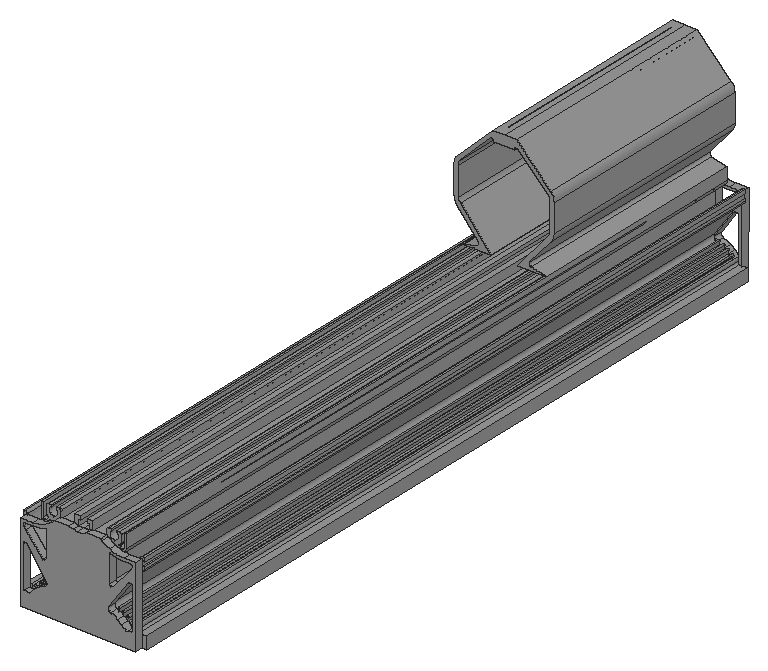
Revit family "L-street 24 Standart", category Осветительные приборы, Revit 2017 (continued)
Types (7, lengths in mm): name | built-in parameter 1150134 | Файл фотометрической сетки | built-in parameter 1150105 | Lumens | built-in parameter 1150106 | built-in parameter 1150142 | Wattage | built-in parameter 1150107 | Артикул
  L-street 24 Standart 4.0K Ш3 | 12 | "L-street 24-32-LLI3-4.0K-01 Premium.ies" | 342.66 (stored number, unit not read) | 4306 lm | 3.4266 (stored number, unit not read) | "IESNA:LM-63-1995\r\n[TEST]LEDEL\r\n[DATA]26.03.2018\r\n[MANUFAC]LEDEL\r\n[LUMCAT]L-street 24/32/Ш3/4.0К/01 Premium\r\n[LUMINAIRE]Для освещения городских улиц, придомовых территорий, парков и пр\r\n[LAMPCAT]LED \r\n[LAMP]OSRAM OSLON SQUARE\r\nTILT=NONE\r\n \r\n1 4306 4.349494 91 37 1 2 0.533 0.083 0.142\r\n1 1 32\r\n\r\n0 1 2 3 4 5 6 7 8 9 10 11 12 13 14 15 16 17 18 19 20 21 22 23 24 25 26 27 28 29 30 31 32 33 34 35 36 37 38 39 40 41 42 43 44 45 46 47 48 49 50 51 52 53 54 55 56 57 58 59 60 61 62 63 64 65 66 67 68 69 70 71 72 73 74 75 76 77 78 79 80 81 82 83 84 85 86 87 88 89 90\r\n0 2.5 5 7.5 10 12.5 15 17.5 20 22.5 25 27.5 30 32.5 35 37.5 40 42.5 45 47.5 50 52.5 55 57.5 60 62.5 65 67.5 70 72.5 75 77.5 80 82.5 85 87.5 90 \r\n\r\n328.9 329.3 330.2 330.9 331.9 333.4 335.1 336.8 338.7 340.8 342.8 345 347.5 350.1 353 356 358.9 361.9 364.8 367.6 370.4 373.1 375.9 378.6 381.2 384 387.3 390.9 395 399.6 404.9 410.7 417.4 425.2 435.2 445.1 453.5 460.4 465.8 471.5 479.7 491.2 504.8 521 539.3 559.8 582 607.2 633.9 663 691.7 721.3 752.1 785.2 818.3 851.9 885.2 917 937 939.3 919 859.4 761.2 644.9 513.6 372.2 249 140.6 80.9 50.5 34.7 24.4 17.8 14.5 12.7 11.4 10.5 9.8 9.1 8.5 8 7.4 7 6.5 6.2 5.9 5.5 4.8 3.2 2.7 2.7\r\n328.9 329 329.5 330 330.7 331.9 333.2 334.6 336.2 338 339.8 341.8 344 346.5 349.2 352.1 354.9 357.8 360.7 363.6 366.4 369.2 372 374.9 377.8 380.7 383.9 387.3 391.1 395.4 400.3 405.6 411.7 418.6 427.2 436.3 444.8 452.4 459 464.7 471.7 481.1 492.7 506.6 522.4 540.2 559.7 581.7 605.8 631.5 658.1 685.9 714.5 745.8 778.3 812.3 846.4 879.2 904.3 916.2 905.6 859.1 774.4 661.5 532.7 402.1 293.1 196.3 120.8 68.8 45.8 31.7 22.8 18 15.4 13.6 12.3 11.3 10.5 9.8 9.1 8.5 7.9 7.3 6.9 6.5 6.1 5.5 4.3 3.3 2.9\r\n328.9 328.8 328.9 329 329.6 330.3 331.2 332.3 333.7 335.2 336.8 338.6 340.6 342.8 345.5 348.2 350.9 353.7 356.6 359.6 362.4 365.3 368.2 371.2 374.4 377.4 380.5 383.6 387.3 391.2 395.6 400.5 406 411.9 419.2 427.5 436 444.3 452.2 457.9 463.7 471 480.7 492.2 505.6 520.6 537.4 556.3 577.6 600 624.5 650.4 677 706.4 738.3 772.8 807.5 841.5 871.5 893.1 892.3 858.7 787.6 678.2 551.8 432 337.2 251.9 160.7 87.2 56.8 39 27.9 21.5 18 15.7 14.1 12.8 12 11.2 10.3 9.6 8.9 8.2 7.6 7.1 6.7 6.3 5.5 4 3.1\r\n328.9 329.4 330.2 331 332 333.4 335 336.7 338.6 340.6 342.6 344.7 347.1 349.6 352.4 355.2 358.1 360.9 363.6 366.2 368.8 371.4 374 376.6 379.2 382 385.3 388.8 392.6 397 402.2 407.8 414.4 421.9 431.2 440.5 448.4 454.9 460.4 466.2 474 484.8 497.7 513 530.2 549.4 569.9 593 617.3 643.5 669.5 695.9 722.8 751.4 780 808.5 835.6 860.9 877.7 881 869.3 832.1 763.8 664.3 532.5 377.6 247 136.9 77.5 48.8 34.8 24 17.1 14.1 12.4 11.1 10.2 9.6 8.9 8.3 7.8 7.2 6.8 6.3 6 5.7 5.4 4.7 3.1 2.7 2.7\r\n328.9 329.4 330.1 331 332.1 333.4 334.9 336.6 338.5 340.4 342.3 344.5 346.7 349.1 351.8 354.5 357.3 359.9 362.4 364.8 367.2 369.6 372.2 374.6 377.3 380.1 383.3 386.6 390.2 394.4 399.4 405 411.4 418.6 427.2 435.9 443.2 449.5 455 460.8 468.3 478.4 490.6 505 521.2 539.1 557.7 578.9 600.7 624.1 647.2 670.6 693.5 717.6 741.7 765.1 785.9 804.8 818.4 822.6 819.6 804.9 766.4 683.8 551.4 383.1 244.9 133.2 74 47.1 34.9 23.6 16.4 13.6 12.1 10.9 10 9.4 8.7 8.1 7.6 7 6.6 6.2 5.8 5.4 5.3 4.5 3 2.6 2.7\r\n328.9 329.4 330.2 331 332 333.3 334.7 336.2 338 339.7 341.5 343.5 345.5 347.8 350.3 353 355.7 358.2 360.7 363 365.4 367.8 370.3 372.8 375.5 378.3 381.5 384.8 388.6 392.8 397.6 403 409.3 416.1 424.2 432.5 439.5 445.4 450.6 455.9 462.5 471.1 481.3 493.2 506.3 520.8 536.2 553.5 571.6 591.3 611.2 631.8 652.8 675.7 698.9 722.2 742.8 761.3 775.1 781.3 780.2 768.4 735.8 659.6 539 387.4 258.5 153.6 86.2 51.2 36.2 25 17.1 13.6 12 10.8 9.8 9.2 8.5 8 7.4 6.9 6.5 6 5.7 5.4 5.1 4.5 3.1 2.7 2.7\r\n328.9 329.4 330.2 330.9 332 333.2 334.5 335.8 337.4 339.1 340.8 342.5 344.4 346.5 348.9 351.5 354.1 356.6 358.9 361.3 363.6 365.9 368.4 371 373.6 376.5 379.6 383.1 387 391.1 395.7 401 407.1 413.6 421.1 429 435.8 441.3 446.2 451 456.7 463.9 472 481.4 491.5 502.6 514.6 528.2 542.5 558.5 575.2 593 612 633.7 656.1 679.2 699.7 717.9 731.8 740 740.8 732 705.1 635.4 526.7 391.7 272.1 174 98.4 55.3 37.6 26.3 17.8 13.6 11.9 10.7 9.7 9 8.3 7.8 7.3 6.8 6.3 5.9 5.6 5.3 4.9 4.5 3.3 2.7 2.7\r\n328.9 329.5 330.3 331 332 333.1 334.2 335.5 337 338.5 340.1 341.6 343.4 345.3 347.5 350 352.5 354.9 357.3 359.6 361.8 364 366.3 368.6 371.2 373.8 376.8 380.1 383.8 387.6 392 396.7 402.2 408 414.6 421.4 427.4 432.1 436.2 439.9 444.1 449.8 456.5 464.2 472.4 481.7 492.1 504.3 517.4 532 547.1 562.9 578.6 594.9 610.3 625.2 636.8 644.4 646.8 642.2 628.3 601.4 558.5 487.4 398.1 300.5 218.4 153.5 97.9 57.3 37.8 25.4 16.7 12.7 11.3 10.1 9.1 8.4 7.8 7.3 6.8 6.4 5.9 5.5 5.2 4.9 4.6 4.3 3.2 2.7 2.7\r\n328.9 329.6 330.4 331 332 333 334 335.2 336.5 338 339.5 340.8 342.3 344.1 346.2 348.5 350.9 353.2 355.7 357.9 360.1 362.1 364.1 366.3 368.7 371.1 374 377.1 380.5 384.1 388.2 392.4 397.3 402.4 408 413.7 419 423 426.2 428.7 431.6 435.7 440.9 447 453.3 460.7 469.6 480.4 492.2 505.5 519.1 532.8 545.2 556 564.6 571.2 573.9 570.8 561.8 544.4 515.9 470.9 411.9 339.3 269.5 209.3 164.6 132.9 97.4 59.2 38 24.5 15.6 11.9 10.6 9.5 8.6 7.9 7.3 6.7 6.4 5.9 5.5 5.1 4.9 4.6 4.3 4 3 2.6 2.6\r\n328.9 329.6 330.3 330.9 331.7 332.6 333.5 334.6 335.8 337.1 338.4 339.6 341 342.5 344.5 346.6 348.8 351.1 353.5 355.6 357.6 359.4 361.2 363.2 365.5 367.9 370.6 373.6 377 380.4 384 387.7 391.8 395.9 400.4 404.8 409 412.2 414.8 416.7 419.1 422.5 426.9 432.4 438.2 444.8 451.8 459.6 467.6 476.2 484.4 492.1 497.8 501.1 501.5 498.2 489.1 471.8 446.9 414.5 377.6 335.3 291 243.7 199.4 161.3 132.5 111.4 88.8 60 38.2 24.5 15.5 11.5 10.1 9.1 8.1 7.4 6.8 6.3 5.9 5.6 5.2 4.8 4.5 4.3 4.1 3.8 3 2.6 2.6\r\n328.9 329.6 330.2 330.8 331.5 332.2 333 334 335.1 336.2 337.4 338.4 339.6 341 342.7 344.6 346.8 349 351.2 353.2 355.2 356.8 358.4 360.1 362.3 364.7 367.2 370.2 373.4 376.6 379.9 382.9 386.3 389.4 392.8 395.9 399 401.5 403.4 404.8 406.6 409.3 413 417.7 423.2 428.9 434.1 438.8 443 446.9 449.6 451.3 450.4 446.3 438.5 425.2 404.4 372.8 332.1 284.5 239.3 199.8 170 148 129.3 113.3 100.4 90 80.2 60.7 38.4 24.6 15.5 11.1 9.6 8.7 7.7 6.9 6.3 5.9 5.5 5.2 4.9 4.5 4.2 4 3.8 3.6 2.9 2.7 2.6\r\n328.9 329.6 330.1 330.7 331.3 331.9 332.7 333.7 334.6 335.6 336.6 337.5 338.6 339.9 341.4 343.2 345.2 347.2 349.1 350.9 352.7 354.2 355.8 357.6 359.7 362.1 364.5 367.1 369.7 372.2 374.7 377.2 379.9 382.5 385.1 387.6 390 392.2 394 395.5 397.2 398.9 400.9 403.2 405.8 408.1 409.5 410 409.2 407 401.9 393.5 379.6 360.7 338.2 313.8 287.4 259.5 230.5 200.1 171.3 146.3 126.5 111.3 98.3 88 80.3 73.6 62.6 45.5 29.8 19.7 12.9 9.9 8.7 7.8 6.9 6.3 5.7 5.3 5 4.7 4.4 4.1 3.8 3.6 3.4 3.1 2.7 2.6 2.5\r\n328.9 329.6 330 330.5 331 331.7 332.4 333.3 334.1 335 335.7 336.6 337.5 338.9 340.2 341.7 343.6 345.5 347 348.7 350.2 351.6 353.2 355.1 357.2 359.5 361.8 364 366 367.9 369.5 371.4 373.5 375.5 377.4 379.4 381.1 382.8 384.6 386.2 387.8 388.6 388.8 388.6 388.5 387.4 384.9 381.1 375.4 367.2 354.2 335.6 308.8 275.2 237.8 202.4 170.4 146.1 128.9 115.6 103.3 92.8 83 74.7 67.3 62.7 60.1 57.1 45.1 30.4 21.1 14.9 10.4 8.8 7.8 6.9 6.2 5.6 5.1 4.8 4.5 4.1 3.9 3.7 3.5 3.3 3.1 2.7 2.5 2.5 2.5\r\n328.9 329.5 329.8 330.3 330.6 331.2 331.7 332.4 333 333.7 334.2 334.8 335.4 336.4 337.3 338.6 340.1 341.7 343.1 344.6 346.1 347.4 348.8 350.3 352 353.8 355.5 357.1 358.6 360 361.2 362.3 363.6 365 366.4 368.1 369.5 370.4 370.9 370.8 370.5 369.4 367.5 364.9 361.4 356.8 349.7 339.5 325 306.7 283.4 257 228.1 199.7 172.9 149.4 128.6 112.2 99.6 89.2 79.7 71.9 64.6 58.5 52.9 49.3 46.4 42.2 33.6 24.5 18.4 13.7 10.1 8.5 7.6 6.7 6 5.3 4.8 4.5 4.3 3.9 3.7 3.5 3.3 3.1 3 2.6 2.4 2.4 2.4\r\n328.9 329.4 329.7 330 330.2 330.6 331 331.5 332 332.4 332.7 332.9 333.3 333.9 334.5 335.5 336.6 337.9 339.3 340.6 341.9 343.2 344.4 345.6 346.8 348.1 349.2 350.3 351.3 352.1 352.9 353.2 353.7 354.4 355.4 356.8 357.8 358 357.2 355.5 353.3 350.3 346.3 341.1 334.4 326.1 314.5 297.9 274.7 246.3 212.5 178.4 147.3 124.1 108 96.4 86.8 78.2 70.2 62.8 56.2 50.9 46.3 42.4 38.6 35.9 32.7 27.2 22.1 18.6 15.6 12.5 9.8 8.3 7.4 6.5 5.8 5.1 4.6 4.2 4.1 3.8 3.5 3.4 3.2 3 2.9 2.5 2.3 2.4 2.4\r\n328.9 329.4 329.6 329.8 330 330.2 330.4 330.7 330.9 331.1 331.2 331.3 331.4 331.6 332 332.8 333.6 334.8 335.8 337 338 339 339.9 340.7 341.5 342.3 343 343.7 344.2 344.5 344.8 344.9 345.1 345.2 345.2 345.4 345.1 344 342.1 339.1 334.9 329.9 323.6 315.4 304.1 289.5 270.1 246.3 218.3 189.8 161.8 137.2 116 100.1 88.3 79.2 71.4 64.3 57.9 52.2 47.2 43.1 39.5 36.3 33 30.2 27.2 23.3 19.6 16.9 14.4 11.8 9.5 8.3 7.4 6.6 5.8 5.1 4.5 4.1 3.9 3.6 3.4 3.3 3.1 2.9 2.8 2.5 2.3 2.3 2.4\r\n328.9 329.4 329.6 329.7 329.7 329.7 329.8 329.9 329.9 329.9 329.8 329.7 329.4 329.3 329.6 330 330.6 331.6 332.4 333.3 334.1 334.8 335.4 335.7 336.1 336.4 336.8 337 337.1 336.9 336.8 336.5 336.5 336.1 335 333.9 332.3 330.1 327 322.6 316.6 309.6 301 289.7 273.8 252.8 225.7 194.7 161.9 133.3 111 96 84.7 76.1 68.6 62 56 50.4 45.5 41.6 38.2 35.3 32.8 30.2 27.3 24.4 21.7 19.4 17.2 15.2 13.1 11 9.3 8.2 7.4 6.7 5.8 5.1 4.4 3.9 3.8 3.5 3.4 3.2 3 2.9 2.8 2.5 2.2 2.3 2.4\r\n328.9 329.3 329.4 329.4 329.3 329.2 329 328.9 328.7 328.5 328.2 327.9 327.5 327.2 327.2 327.5 327.9 328.5 329.1 329.6 330 330.3 330.4 330.6 330.7 330.8 330.8 330.7 330.4 330 329.4 328.5 327.5 326 324.1 321.7 318.8 314.9 310.1 304 296 286 272.6 255.5 233.2 207 178.6 151.5 126.8 106.9 91.5 80.4 71.6 64.3 58 52.5 47.6 43.4 39.8 36.8 34.2 31.8 29.5 27.1 24.8 22.5 20.3 18.4 16.5 14.8 13.1 11.5 9.9 8.6 7.6 6.8 6 5.3 4.5 4 3.7 3.5 3.3 3.1 2.9 2.8 2.7 2.5 2.2 2.2 2.3\r\n328.9 329.3 329.2 329.1 328.8 328.6 328.2 328 327.6 327.1 326.6 326.1 325.5 325.2 324.9 325 325.1 325.4 325.7 325.8 325.9 325.7 325.4 325.4 325.3 325.2 324.8 324.4 323.8 323 322.1 320.5 318.5 316 313.1 309.5 305.4 299.8 293.2 285.4 275.5 262.4 244.2 221.4 192.6 161.2 131.4 108.3 91.8 80.6 72 64.9 58.4 52.6 47.4 43 39.3 36.3 34 32.1 30.3 28.3 26.1 24.1 22.3 20.7 18.9 17.3 15.8 14.4 13.1 11.9 10.5 8.9 7.8 7 6.2 5.5 4.7 4 3.6 3.4 3.2 3.1 2.9 2.7 2.6 2.4 2.3 2.1 2.2\r\n328.9 329.2 329.1 328.9 328.5 328.1 327.6 327.1 326.5 325.8 325 324.2 323.5 322.9 322.5 322.3 322.2 322.1 322 321.7 321.1 320.5 319.8 319.4 319 318.6 318.3 318 317.4 316.3 314.8 312.5 309.6 306 301.6 296.4 290.5 283 273.9 262.7 247.9 229.2 205.3 179.3 152 127.2 106.1 90 78 69.4 62.5 56.6 51.2 46.4 42.2 38.8 35.9 33.6 31.7 29.9 28.2 26.4 24.5 22.9 21.5 20.1 18.6 17.3 16.1 14.8 13.7 12.7 11.6 10.2 8.7 7.5 6.6 5.9 5 4.3 3.7 3.4 3.2 3 2.9 2.7 2.6 2.4 2.2 2.1 2.2\r\n328.9 329.2 329 328.7 328.2 327.6 326.9 326.2 325.4 324.4 323.3 322.2 321.4 320.7 320.1 319.6 319.2 318.9 318.4 317.5 316.4 315.2 314.1 313.3 312.6 312.1 311.8 311.6 311 309.7 307.4 304.5 300.7 295.9 290.2 283.3 275.6 266.1 254.6 240 220.4 195.9 166.4 137.2 111.4 93.3 80.7 71.7 64.3 58.2 53 48.3 43.9 40.2 37.1 34.6 32.6 31 29.4 27.8 26.1 24.4 22.9 21.8 20.7 19.5 18.4 17.3 16.4 15.3 14.4 13.5 12.7 11.5 9.6 8 7 6.2 5.3 4.5 3.8 3.4 3.1 2.9 2.9 2.7 2.6 2.4 2.2 2.1 2.1\r\n328.9 329.1 328.9 328.5 327.9 327.2 326.4 325.6 324.6 323.3 322 320.8 319.8 318.9 318.2 317.5 316.8 316.1 315.1 313.9 312.4 310.9 309.5 308.4 307.3 306.4 305.9 305.3 304.4 302.7 300.3 297.2 293.3 288 281.6 274 265.3 254.3 240.7 223.1 200.5 173.9 145 119.4 98.6 84.1 73.5 65.7 59.1 54 49.5 45.3 41.5 38.2 35.5 33.3 31.4 29.8 28.2 26.6 25.1 23.6 22.2 21.1 20.2 19.3 18.5 17.7 16.9 16 15.1 14.3 13.5 12.5 11.1 9.6 7.9 6.6 5.7 4.9 4.1 3.5 3.2 2.9 2.8 2.7 2.6 2.4 2.2 2.1 2.1\r\n328.9 329.1 328.8 328.3 327.6 326.8 325.8 324.9 323.7 322.1 320.6 319.3 318.2 317 316.2 315.3 314.4 313.3 311.9 310.3 308.3 306.6 305 303.4 302 300.8 300 299.1 297.7 295.7 293.1 289.8 285.8 280.1 273 264.6 254.9 242.5 226.9 206.2 180.6 151.8 123.5 101.5 85.7 74.9 66.3 59.6 54 49.7 45.9 42.3 39 36.3 34 31.9 30.2 28.6 27 25.5 24.1 22.7 21.5 20.5 19.7 19.1 18.6 18 17.3 16.6 15.8 15 14.3 13.4 12.5 11.1 8.7 7.1 6.1 5.3 4.4 3.5 3.2 2.9 2.8 2.7 2.6 2.4 2.2 2.1 2\r\n328.9 329 328.7 328.1 327.3 326.4 325.3 324.1 322.7 320.9 319.1 317.6 316.3 315.1 313.9 312.8 311.5 309.9 307.9 305.7 303.5 301.4 299.5 297.5 295.7 294.2 292.6 290.6 288.1 285 281.6 277.4 272.1 265.3 257.3 247.5 235.5 219.7 200.5 176.6 150.6 125.6 104.1 88.2 76.4 67.6 60.4 54.7 50.1 46.5 43.3 40.4 37.5 35.2 33 31.1 29.4 28 26.4 25 23.6 22.4 21.1 20.3 19.8 19.2 18.7 18 17.3 16.6 15.9 15.5 15 14.4 13.9 12.8 11 9.1 7.1 5.8 4.8 3.9 3.3 3 2.8 2.7 2.6 2.4 2.2 2 2\r\n328.9 328.9 328.5 327.8 327 326 324.7 323.4 321.7 319.7 317.6 315.9 314.5 313.1 311.6 310.2 308.6 306.4 303.9 301.2 298.6 296.2 294 291.5 289.5 287.6 285.2 282.1 278.4 274.4 270.2 265 258.4 250.5 241.6 230.5 216 196.9 174.1 147 120.5 99.5 84.7 74.9 67 60.3 54.4 49.8 46.1 43.3 40.8 38.5 36.1 34 32 30.2 28.6 27.3 25.9 24.5 23.1 22 20.8 20.1 19.8 19.3 18.8 18 17.2 16.6 16.1 15.9 15.7 15.4 15.2 14.6 13.2 11.1 8.1 6.3 5.2 4.2 3.4 3 2.8 2.7 2.6 2.4 2.2 1.9 2\r\n328.9 328.9 328.5 327.7 326.8 325.6 324.3 322.8 320.9 318.7 316.5 314.6 312.9 311.3 309.7 307.9 305.7 303.1 300.1 297.1 294.1 291.4 288.9 286.5 284.2 281.7 278.6 274.9 270.7 266.1 260.9 254.6 247 238.2 228 214.8 198.1 176.2 151.4 125.6 103.6 87.8 76.3 68 61 55.2 50.3 46.6 43.7 41.5 39.4 37.3 35.1 33.1 31.3 29.7 28.2 27.1 25.8 24.6 23.2 22.1 21 20.3 19.9 19.4 19 18.3 17.7 17.1 16.5 16.2 16.1 15.8 15.4 14.6 13.5 11.9 9.7 7.9 5.9 4.6 3.8 3.2 2.8 2.7 2.5 2.4 2.2 2 2\r\n328.9 328.9 328.4 327.6 326.6 325.3 323.9 322.1 320.2 317.7 315.5 313.3 311.3 309.6 307.8 305.5 302.9 299.7 296.3 292.9 289.7 286.5 283.8 281.4 278.9 275.8 272.1 267.7 263 257.7 251.6 244.2 235.6 225.9 214.3 199.1 180.2 155.6 128.7 104.2 86.8 76 67.9 61.1 55 50 46.2 43.4 41.2 39.6 38 36.2 34.2 32.2 30.6 29.2 27.9 26.8 25.7 24.6 23.4 22.3 21.2 20.5 20 19.6 19.2 18.7 18.2 17.5 16.9 16.6 16.6 16.2 15.6 14.7 13.8 12.6 11.3 9.5 6.7 5 4.1 3.3 2.9 2.6 2.5 2.3 2.1 2 2\r\n328.9 328.9 328.4 327.5 326.4 325.1 323.6 321.7 319.6 317.1 314.7 312.3 310.2 308.2 306.1 303.5 300.4 296.8 293 289.3 285.8 282.4 279.6 276.9 274.1 270.5 266.3 261.4 256.2 250.1 243.2 235.1 226 215.2 202.2 185.4 164.9 140.2 115.8 95.1 80.7 71.6 64.3 57.9 52.3 47.8 44.6 42.2 40.4 39 37.5 35.7 33.8 31.9 30.4 29.1 27.9 26.8 25.6 24.5 23.5 22.5 21.6 20.9 20.4 20 19.7 19.3 18.7 17.9 17.1 16.4 16.1 15.7 15.1 14.4 13.4 12 10.7 9.2 7.3 5.8 4.5 3.6 3 2.7 2.4 2.3 2.1 2 2\r\n328.9 328.9 328.4 327.4 326.2 324.9 323.3 321.3 319 316.4 313.9 311.3 309 306.8 304.4 301.5 297.9 293.8 289.8 285.7 281.9 278.3 275.3 272.4 269.3 265.2 260.5 255.1 249.3 242.6 234.8 226.1 216.3 204.5 190.1 171.6 149.6 124.8 102.9 85.9 74.6 67.1 60.6 54.8 49.6 45.7 42.9 41 39.6 38.4 37 35.3 33.4 31.7 30.2 29 27.9 26.8 25.5 24.4 23.6 22.6 21.9 21.3 20.7 20.4 20.3 20 19.3 18.3 17.3 16.3 15.6 15.2 14.6 14 13 11.4 10.1 9 8 6.6 5 3.8 3.1 2.7 2.4 2.3 2.1 1.9 1.9\r\n328.9 328.9 328.2 327.1 325.9 324.5 322.8 320.6 318.3 315.7 313.1 310.5 308 305.6 302.9 299.6 295.7 291.3 287 282.6 278.7 275.2 272.2 269.1 265.7 261.3 256.3 250.5 244.3 237 228.7 219.3 208.6 195.5 179.4 159.1 136 112.5 93.6 79.8 70.4 63.7 57.4 51.9 47.3 44.1 41.9 40.3 39 37.9 36.5 34.9 33.1 31.6 30.2 28.9 27.6 26.4 25.3 24.4 23.6 23 22.6 22.3 22.1 21.9 21.5 20.7 19.8 18.7 17.6 16.5 15.6 14.8 13.9 13.2 12.1 10.9 9.8 8.8 7.7 6.5 5.2 4 3.1 2.7 2.4 2.3 2.1 1.9 1.9\r\n328.9 328.8 328 326.8 325.5 324.1 322.3 320 317.6 314.9 312.2 309.6 307 304.3 301.4 297.6 293.5 288.8 284.2 279.5 275.5 272 269 265.9 262 257.3 252 245.8 239.2 231.4 222.7 212.6 201 186.6 168.7 146.5 122.3 100.1 84.4 73.6 66.3 60.4 54.3 48.9 44.9 42.4 40.8 39.5 38.4 37.3 35.9 34.5 32.8 31.5 30.3 28.7 27.3 26.1 25.2 24.3 23.7 23.4 23.2 23.4 23.4 23.3 22.6 21.5 20.3 19.1 17.8 16.7 15.6 14.4 13.2 12.3 11.3 10.5 9.6 8.6 7.5 6.4 5.4 4.1 3.2 2.6 2.4 2.2 2.1 1.9 1.9\r\n328.9 328.8 328 326.8 325.6 324 322.1 319.8 317.3 314.6 311.8 309.2 306.4 303.5 300.2 296.1 291.6 286.6 281.7 276.8 272.7 269.1 266.1 262.7 258.6 253.5 248 241.7 234.8 226.8 217.9 207.5 19
